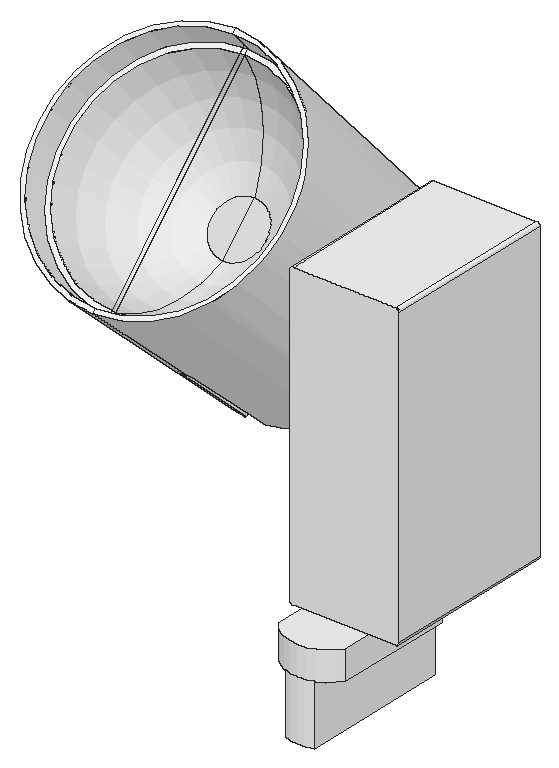
Revit family "0004820 Feilo Sylvania Lighting Fixture START TRACK SPOT L 55W 3K RA80 NB WHITE", category Lighting Fixtures, host Face, Revit 2017 (continued)
Definition of nested family "Start Track Spot Head"
  Types (96, lengths in mm): name | Wattage | built-in parameter 1150134 | Photometric Web File | Model | built-in parameter 1150105 | Lumens | built-in parameter 1150107 | built-in parameter 1150106 | HeadThickness_FEILO | HeadRibOffset_FEILO | HeadRibDepth_FEILO | HeadRibCutWidth_FEILO | HeadRibCutOffset_FEILO | HeadReflectorRadius_FEILO | HeadReflectorOffset_FEILO | HeadLEDRadius_FEILO | HeadHeight_FEILO | HeadDiffusorOffset_FEILO | HeadDiaOut_FEILO | HeadDiaIn_FEILO | HeadAxisFromTop_FEILO | Emit from Circle Diameter | built-in parameter 1150104 | Description | Apparent Load
    0004864 START TRACK SPOT S 24W 3K RA90 WB WHITE | 24 W | (empty or 0) | "0004864.ies" | "START TRACK SPOT S 24W 3K RA90 WB WHITE" | 152.79 (stored number, unit not read) | 1920 lm | 3000 (stored number, unit not read) | 1.5279 (stored number, unit not read) | 1.5 | 4.179 | 55.714 | 7.167 | 50.87 | 50.588 | 55.714 | 9.556 | 117 | 9.435 | 86 | 77.477 | 69.354 | 77.477 | 7.4322 (stored number, unit not read) | "Integrated LED spotlight, Textured White - RAL9016, compact and minimalist design, ideal for retail applications, die-cast aluminium body, passive cooling heatsink. Beam angle: 64°, color temperature: 3000K , total system power: 24W, total fixture output: 1928 lm, LOR: 100%, colour rendering: Ra: 90 typical, LED Chromaticity: 3 step MacAdam ellipse, lifetime: >50000 hours at L70B50, energy class: A++, A+, A, IR/UV free light source without heat radiation, operating voltage: 220-240V / 50-60Hz, drive current: 600mA, electronic driver, non-dimmable, power factor: 0.95, electrical protection: Class II, Global Track 3 Phase adapter suitable for Global trac 3-circuit tracks, ingress protection rating: IP20, suitable for internal environment only, horizontal rotation: 355°, vertical tilt: 90°, dimensions: Ø86x140x200, weight: 0.966kg." | 24 VA
    0004863 START TRACK SPOT S 24W 3K RA90 MB WHITE | 24 W | (empty or 0) | "0004863.ies" | "START TRACK SPOT S 24W 3K RA90 MB WHITE" | 154.7 (stored number, unit not read) | 1944 lm | 3000 (stored number, unit not read) | 1.547 (stored number, unit not read) | 1.5 | 4.179 | 55.714 | 7.167 | 50.87 | 50.588 | 55.714 | 9.556 | 117 | 9.435 | 86 | 77.477 | 69.354 | 77.477 | 7.5251 (stored number, unit not read) | "Integrated LED spotlight, Textured White - RAL9016, compact and minimalist design, ideal for retail applications, die-cast aluminium body, passive cooling heatsink. Beam angle: 36°, color temperature: 3000K , total system power: 24W, total fixture output: 1944 lm, LOR: 100%, colour rendering: Ra: 90 typical, LED Chromaticity: 3 step MacAdam ellipse, lifetime: >50000 hours at L70B50, energy class: A++, A+, A, IR/UV free light source without heat radiation, operating voltage: 220-240V / 50-60Hz, drive current: 600mA, electronic driver, non-dimmable, power factor: 0.95, electrical protection: Class II, Global Track 3 Phase adapter suitable for Global trac 3-circuit tracks, ingress protection rating: IP20, suitable for internal environment only, horizontal rotation: 355°, vertical tilt: 90°, dimensions: Ø86x140x200, weight: 0.966kg." | 24 VA
    0004862 START TRACK SPOT S 24W 3K RA90 NB WHITE | 24 W | (empty or 0) | "0004862.ies" | "START TRACK SPOT S 24W 3K RA90 NB WHITE" | 158.52 (stored number, unit not read) | 1992 lm | 3000 (stored number, unit not read) | 1.5852 (stored number, unit not read) | 1.5 | 4.179 | 55.714 | 7.167 | 50.87 | 50.588 | 55.714 | 9.556 | 117 | 9.435 | 86 | 77.477 | 69.354 | 77.477 | 7.711 (stored number, unit not read) | "Integrated LED spotlight, Textured White - RAL9016, compact and minimalist design, ideal for retail applications, die-cast aluminium body, passive cooling heatsink. Beam angle: 12°, color temperature: 3000K , total system power: 24W, total fixture output: 1987 lm, LOR: 100%, colour rendering: Ra: 90 typical, LED Chromaticity: 3 step MacAdam ellipse, lifetime: >50000 hours at L70B50, energy class: A++, A+, A, IR/UV free light source without heat radiation, operating voltage: 220-240V / 50-60Hz, drive current: 600mA, electronic driver, non-dimmable, power factor: 0.95, electrical protection: Class II, Global Track 3 Phase adapter suitable for Global trac 3-circuit tracks, ingress protection rating: IP20, suitable for internal environment only, horizontal rotation: 355°, vertical tilt: 90°, dimensions: Ø86x140x200, weight: 0.966kg." | 24 VA
    0004861 START TRACK SPOT S 14W 3K RA90 WB WHITE | 14 W | (empty or 0) | "0004861.ies" | "START TRACK SPOT S 14W 3K RA90 WB WHITE" | 100.27 (stored number, unit not read) | 1260 lm | 3000 (stored number, unit not read) | 1.0027 (stored number, unit not read) | 1.5 | 4.179 | 55.714 | 7.167 | 50.87 | 50.588 | 55.714 | 9.556 | 117 | 9.435 | 86 | 77.477 | 69.354 | 77.477 | 8.3613 (stored number, unit not read) | "Integrated LED spotlight, Textured White - RAL9016, compact and minimalist design, ideal for retail applications, die-cast aluminium body, passive cooling heatsink. Beam angle: 64°, color temperature: 3000K , total system power: 14W, total fixture output: 1262 lm, LOR: 100%, colour rendering: Ra: 90 typical, LED Chromaticity: 3 step MacAdam ellipse, lifetime: >50000 hours at L70B50, energy class: A++, A+, A, IR/UV free light source without heat radiation, operating voltage: 220-240V / 50-60Hz, drive current: 350mA, electronic driver, non-dimmable, power factor: 0.92, electrical protection: Class II, Global Track 3 Phase adapter suitable for Global trac 3-circuit tracks, ingress protection rating: IP20, suitable for internal environment only, horizontal rotation: 355°, vertical tilt: 90°, dimensions: Ø86x140x200, weight: 0.940kg." | 14 VA
    0004860 START TRACK SPOT S 14W 3K RA90 MB WHITE | 14 W | (empty or 0) | "0004860.ies" | "START TRACK SPOT S 14W 3K RA90 MB WHITE" | 100.27 (stored number, unit not read) | 1260 lm | 3000 (stored number, unit not read) | 1.0027 (stored number, unit not read) | 1.5 | 4.179 | 55.714 | 7.167 | 50.87 | 50.588 | 55.714 | 9.556 | 117 | 9.435 | 86 | 77.477 | 69.354 | 77.477 | 8.3613 (stored number, unit not read) | "Integrated LED spotlight, Textured White - RAL9016, compact and minimalist design, ideal for retail applications, die-cast aluminium body, passive cooling heatsink. Beam angle: 36°, color temperature: 3000K , total system power: 14W, total fixture output: 1262 lm, LOR: 100%, colour rendering: Ra: 90 typical, LED Chromaticity: 3 step MacAdam ellipse, lifetime: >50000 hours at L70B50, energy class: A++, A+, A, IR/UV free light source without heat radiation, operating voltage: 220-240V / 50-60Hz, drive current: 350mA, electronic driver, non-dimmable, power factor: 0.92, electrical protection: Class II, Global Track 3 Phase adapter suitable for Global trac 3-circuit tracks, ingress protection rating: IP20, suitable for internal environment only, horizontal rotation: 355°, vertical tilt: 90°, dimensions: Ø86x140x200, weight: 0.940kg." | 14 VA
    0004859 START TRACK SPOT S 14W 3K RA90 NB WHITE | 14 W | (empty or 0) | "0004859.ies" | "START TRACK SPOT S 14W 3K RA90 NB WHITE" | 102.5 (stored number, unit not read) | 1288 lm | 3000 (stored number, unit not read) | 1.025 (stored number, unit not read) | 1.5 | 4.179 | 55.714 | 7.167 | 50.87 | 50.588 | 55.714 | 9.556 | 117 | 9.435 | 86 | 77.477 | 69.354 | 77.477 | 8.5471 (stored number, unit not read) | "Integrated LED spotlight, Textured White - RAL9016, compact and minimalist design, ideal for retail applications, die-cast aluminium body, passive cooling heatsink. Beam angle: 12°, color temperature: 3000K , total system power: 14W, total fixture output: 1284 lm, LOR: 100%, colour rendering: Ra: 90 typical, LED Chromaticity: 3 step MacAdam ellipse, lifetime: >50000 hours at L70B50, energy class: A++, A+, A, IR/UV free light source without heat radiation, operating voltage: 220-240V / 50-60Hz, drive current: 350mA, electronic driver, non-dimmable, power factor: 0.92, electrical protection: Class II, Global Track 3 Phase adapter suitable for Global trac 3-circuit tracks, ingress protection rating: IP20, suitable for internal environment only, horizontal rotation: 355°, vertical tilt: 90°, dimensions: Ø86x140x200, weight: 0.940kg." | 14 VA
    0004858 START TRACK SPOT L 55W 4K RA80 WB BLACK | 55 W | 12 | "0004858.ies" | "START TRACK SPOT L 55W 4K RA80 WB BLACK" | 424.55 (stored number, unit not read) | 5335 lm | 4000 (stored number, unit not read) | 4.2455 (stored number, unit not read) | 2 | 4.429 | 59.048 | 9.417 | 53.913 | 66.471 | 59.048 | 12.556 | 124 | 10 | 113 | 101.802 | 73.503 | 101.802 | 9.0116 (stored number, unit not read) | "Integrated LED spotlight, Textured Black - RAL9005, compact and minimalist design, ideal for retail applications, die-cast aluminium body, passive cooling heatsink. Beam angle: 52°, color temperature: 4000K , total system power: 55W, total fixture output: 5320 lm, LOR: 100%, colour rendering: Ra: 80 typical, LED Chromaticity: 3 step MacAdam ellipse, lifetime: >50000 hours at L70B50, energy class: A++, A+, A, IR/UV free light source without heat radiation, operating voltage: 220-240V / 50-60Hz, drive current: 1400mA, electronic driver, non-dimmable, power factor: 0.96, electrical protection: Class II, Global Track 3 Phase adapter suitable for Global trac 3-circuit tracks, ingress protection rating: IP20, suitable for internal environment only, horizontal rotation: 355°, vertical tilt: 90°, dimensions: Ø113x164x240, weight: 1.398kg." | 55 VA
    0004857 START TRACK SPOT L 55W 4K RA80 MB BLACK | 55 W | 12 | "0004857.ies" | "START TRACK SPOT L 55W 4K RA80 MB BLACK" | 428.92 (stored number, unit not read) | 5390 lm | 4000 (stored number, unit not read) | 4.2892 (stored number, unit not read) | 2 | 4.429 | 59.048 | 9.417 | 53.913 | 66.471 | 59.048 | 12.556 | 124 | 10 | 113 | 101.802 | 73.503 | 101.802 | 9.1045 (stored number, unit not read) | "Integrated LED spotlight, Textured Black - RAL9005, compact and minimalist design, ideal for retail applications, die-cast aluminium body, passive cooling heatsink. Beam angle: 38°, color temperature: 4000K , total system power: 55W, total fixture output: 5378 lm, LOR: 100%, colour rendering: Ra: 80 typical, LED Chromaticity: 3 step MacAdam ellipse, lifetime: >50000 hours at L70B50, energy class: A++, A+, A, IR/UV free light source without heat radiation, operating voltage: 220-240V / 50-60Hz, drive current: 1400mA, electronic driver, non-dimmable, power factor: 0.96, electrical protection: Class II, Global Track 3 Phase adapter suitable for Global trac 3-circuit tracks, ingress protection rating: IP20, suitable for internal environment only, horizontal rotation: 355°, vertical tilt: 90°, dimensions: Ø113x164x240, weight: 1.398kg." | 55 VA
    0004856 START TRACK SPOT L 55W 4K RA80 NB BLACK | 55 W | 12 | "0004856.ies" | "START TRACK SPOT L 55W 4K RA80 NB BLACK" | 433.3 (stored number, unit not read) | 5445 lm | 4000 (stored number, unit not read) | 4.333 (stored number, unit not read) | 2 | 4.429 | 59.048 | 9.417 | 53.913 | 66.471 | 59.048 | 12.556 | 124 | 10 | 113 | 101.802 | 73.503 | 101.802 | 9.1974 (stored number, unit not read) | "Integrated LED spotlight, Textured Black - RAL9005, compact and minimalist design, ideal for retail applications, die-cast aluminium body, passive cooling heatsink. Beam angle: 15°, color temperature: 4000K , total system power: 55W, total fixture output: 5426 lm, LOR: 100%, colour rendering: Ra: 80 typical, LED Chromaticity: 3 step MacAdam ellipse, lifetime: >50000 hours at L70B50, energy class: A++, A+, A, IR/UV free light source without heat radiation, operating voltage: 220-240V / 50-60Hz, drive current: 1400mA, electronic driver, non-dimmable, power factor: 0.96, electrical protection: Class II, Global Track 3 Phase adapter suitable for Global trac 3-circuit tracks, ingress protection rating: IP20, suitable for internal environment only, horizontal rotation: 355°, vertical tilt: 90°, dimensions: Ø113x164x240, weight: 1.398kg." | 55 VA
    0004855 START TRACK SPOT L 35W 4K RA80 WB BLACK | 35 W | 12 | "0004855.ies" | "START TRACK SPOT L 35W 4K RA80 WB BLACK" | 320.3 (stored number, unit not read) | 4025 lm | 4000 (stored number, unit not read) | 3.203 (stored number, unit not read) | 2 | 4.429 | 59.048 | 9.417 | 53.913 | 66.471 | 59.048 | 12.556 | 124 | 10 | 113 | 101.802 | 73.503 | 101.802 | 10.684 (stored number, unit not read) | "Integrated LED spotlight, Textured Black - RAL9005, compact and minimalist design, ideal for retail applications, die-cast aluminium body, passive cooling heatsink. Beam angle: 52°, color temperature: 4000K , total system power: 35W, total fixture output: 4010 lm, LOR: 100%, colour rendering: Ra: 80 typical, LED Chromaticity: 3 step MacAdam ellipse, lifetime: >50000 hours at L70B50, energy class: A++, A+, A, IR/UV free light source without heat radiation, operating voltage: 220-240V / 50-60Hz, drive current: 900mA, electronic driver, non-dimmable, power factor: 0.93, electrical protection: Class II, Global Track 3 Phase adapter suitable for Global trac 3-circuit tracks, ingress protection rating: IP20, suitable for internal environment only, horizontal rotation: 355°, vertical tilt: 90°, dimensions: Ø113x164x240, weight: 1.368kg." | 35 VA
    0004854 START TRACK SPOT L 35W 4K RA80 MB BLACK | 35 W | 12 | "0004854.ies" | "START TRACK SPOT L 35W 4K RA80 MB BLACK" | 320.3 (stored number, unit not read) | 4025 lm | 4000 (stored number, unit not read) | 3.203 (stored number, unit not read) | 2 | 4.429 | 59.048 | 9.417 | 53.913 | 66.471 | 59.048 | 12.556 | 124 | 10 | 113 | 101.802 | 73.503 | 101.802 | 10.684 (stored number, unit not read) | "Integrated LED spotlight, Textured Black - RAL9005, compact and minimalist design, ideal for retail applications, die-cast aluminium body, passive cooling heatsink. Beam angle: 38°, color temperature: 4000K , total system power: 35W, total fixture output: 4017 lm, LOR: 100%, colour rendering: Ra: 80 typical, LED Chromaticity: 3 step MacAdam ellipse, lifetime: >50000 hours at L70B50, energy class: A++, A+, A, IR/UV free light source without heat radiation, operating voltage: 220-240V / 50-60Hz, drive current: 900mA, electronic driver, non-dimmable, power factor: 0.93, electrical protection: Class II, Global Track 3 Phase adapter suitable for Global trac 3-circuit tracks, ingress protection rating: IP20, suitable for internal environment only, horizontal rotation: 355°, vertical tilt: 90°, dimensions: Ø113x164x240, weight: 1.368kg." | 35 VA
    0004853 START TRACK SPOT L 35W 4K RA80 NB BLACK | 35 W | 12 | "0004853.ies" | "START TRACK SPOT L 35W 4K RA80 NB BLACK" | 331.44 (stored number, unit not read) | 4165 lm | 4000 (stored number, unit not read) | 3.3144 (stored number, unit not read) | 2 | 4.429 | 59.048 | 9.417 | 53.913 | 66.471 | 59.048 | 12.556 | 124 | 10 | 113 | 101.802 | 73.503 | 101.802 | 11.055 (stored number, unit not read) | "Integrated LED spotlight, Textured Black - RAL9005, compact and minimalist design, ideal for retail applications, die-cast aluminium body, passive cooling heatsink. Beam angle: 15°, color temperature: 4000K , total system power: 35W, total fixture output: 4174 lm, LOR: 100%, colour rendering: Ra: 80 typical, LED Chromaticity: 3 step MacAdam ellipse, lifetime: >50000 hours at L70B50, energy class: A++, A+, A, IR/UV free light source without heat radiation, operating voltage: 220-240V / 50-60Hz, drive current: 900mA, electronic driver, non-dimmable, power factor: 0.93, electrical protection: Class II, Global Track 3 Phase adapter suitable for Global trac 3-circuit tracks, ingress protection rating: IP20, suitable for internal environment only, horizontal rotation: 355°, vertical tilt: 90°, dimensions: Ø113x164x240, weight: 1.368kg." | 35 VA
    0004852 START TRACK SPOT S 24W 4K RA80 WB BLACK | 24 W | 12 | "0004852.ies" | "START TRACK SPOT S 24W 4K RA80 WB BLACK" | 196.72 (stored number, unit not read) | 2472 lm | 4000 (stored number, unit not read) | 1.9672 (stored number, unit not read) | 1.5 | 4.179 | 55.714 | 7.167 | 50.87 | 50.588 | 55.714 | 9.556 | 117 | 9.435 | 86 | 77.477 | 69.354 | 77.477 | 9.569 (stored number, unit not read) | "Integrated LED spotlight, Textured Black - RAL9005, compact and minimalist design, ideal for retail applications, die-cast aluminium body, passive cooling heatsink. Beam angle: 64°, color temperature: 4000K , total system power: 24W, total fixture output: 2476 lm, LOR: 100%, colour rendering: Ra: 80 typical, LED Chromaticity: 3 step MacAdam ellipse, lifetime: >50000 hours at L70B50, energy class: A++, A+, A, IR/UV free light source without heat radiation, operating voltage: 220-240V / 50-60Hz, drive current: 600mA, electronic driver, non-dimmable, power factor: 0.95, electrical protection: Class II, Global Track 3 Phase adapter suitable for Global trac 3-circuit tracks, ingress protection rating: IP20, suitable for internal environment only, horizontal rotation: 355°, vertical tilt: 90°, dimensions: Ø86x140x200, weight: 0.966kg." | 24 VA
    0004851 START TRACK SPOT S 24W 4K RA80 MB BLACK | 24 W | 12 | "0004851.ies" | "START TRACK SPOT S 24W 4K RA80 MB BLACK" | 198.63 (stored number, unit not read) | 2496 lm | 4000 (stored number, unit not read) | 1.9863 (stored number, unit not read) | 1.5 | 4.179 | 55.714 | 7.167 | 50.87 | 50.588 | 55.714 | 9.556 | 117 | 9.435 | 86 | 77.477 | 69.354 | 77.477 | 9.6619 (stored number, unit not read) | "Integrated LED spotlight, Textured Black - RAL9005, compact and minimalist design, ideal for retail applications, die-cast aluminium body, passive cooling heatsink. Beam angle: 36°, color temperature: 4000K , total system power: 24W, total fixture output: 2487 lm, LOR: 100%, colour rendering: Ra: 80 typical, LED Chromaticity: 3 step MacAdam ellipse, lifetime: >50000 hours at L70B50, energy class: A++, A+, A, IR/UV free light source without heat radiation, operating voltage: 220-240V / 50-60Hz, drive current: 600mA, electronic driver, non-dimmable, power factor: 0.95, electrical protection: Class II, Global Track 3 Phase adapter suitable for Global trac 3-circuit tracks, ingress protection rating: IP20, suitable for internal environment only, horizontal rotation: 355°, vertical tilt: 90°, dimensions: Ø86x140x200, weight: 0.966kg." | 24 VA
    0004850 START TRACK SPOT S 24W 4K RA80 NB BLACK | 24 W | 12 | "0004850.ies" | "START TRACK SPOT S 24W 4K RA80 NB BLACK" | 200.54 (stored number, unit not read) | 2520 lm | 4000 (stored number, unit not read) | 2.0054 (stored number, unit not read) | 1.5 | 4.179 | 55.714 | 7.167 | 50.87 | 50.588 | 55.714 | 9.556 | 117 | 9.435 | 86 | 77.477 | 69.354 | 77.477 | 9.7548 (stored number, unit not read) | "Integrated LED spotlight, Textured Black - RAL9005, compact and minimalist design, ideal for retail applications, die-cast aluminium body, passive cooling heatsink. Beam angle: 12°, color temperature: 4000K , total system power: 24W, total fixture output: 2529 lm, LOR: 100%, colour rendering: Ra: 80 typical, LED Chromaticity: 3 step MacAdam ellipse, lifetime: >50000 hours at L70B50, energy class: A++, A+, A, IR/UV free light source without heat radiation, operating voltage: 220-240V / 50-60Hz, drive current: 600mA, electronic driver, non-dimmable, power factor: 0.95, electrical protection: Class II, Global Track 3 Phase adapter suitable for Global trac 3-circuit tracks, ingress protection rating: IP20, suitable for internal environment only, horizontal rotation: 355°, vertical tilt: 90°, dimensions: Ø86x140x200, weight: 0.966kg." | 24 VA
    0004849 START TRACK SPOT S 14W 4K RA80 WB BLACK | 14 W | 12 | "0004849.ies" | "START TRACK SPOT S 14W 4K RA80 WB BLACK" | 123.66 (stored number, unit not read) | 1554 lm | 4000 (stored number, unit not read) | 1.2366 (stored number, unit not read) | 1.5 | 4.179 | 55.714 | 7.167 | 50.87 | 50.588 | 55.714 | 9.556 | 117 | 9.435 | 86 | 77.477 | 69.354 | 77.477 | 10.312 (stored number, unit not read) | "Integrated LED spotlight, Textured Black - RAL9005, compact and minimalist design, ideal for retail applications, die-cast aluminium body, passive cooling heatsink. Beam angle: 64°, color temperature: 4000K , total system power: 14W, total fixture output: 1558 lm, LOR: 100%, colour rendering: Ra: 80 typical, LED Chromaticity: 3 step MacAdam ellipse, lifetime: >50000 hours at L70B50, energy class: A++, A+, A, IR/UV free light source without heat radiation, operating voltage: 220-240V / 50-60Hz, drive current: 350mA, electronic driver, non-dimmable, power factor: 0.92, electrical protection: Class II, Global Track 3 Phase adapter suitable for Global trac 3-circuit tracks, ingress protection rating: IP20, suitable for internal environment only, horizontal rotation: 355°, vertical tilt: 90°, dimensions: Ø86x140x200, weight: 0.940kg." | 14 VA
    0004848 START TRACK SPOT S 14W 4K RA80 MB BLACK | 14 W | 12 | "0004848.ies" | "START TRACK SPOT S 14W 4K RA80 MB BLACK" | 127.01 (stored number, unit not read) | 1596 lm | 4000 (stored number, unit not read) | 1.2701 (stored number, unit not read) | 1.5 | 4.179 | 55.714 | 7.167 | 50.87 | 50.588 | 55.714 | 9.556 | 117 | 9.435 | 86 | 77.477 | 69.354 | 77.477 | 10.591 (stored number, unit not read) | "Integrated LED spotlight, Textured Black - RAL9005, compact and minimalist design, ideal for retail applications, die-cast aluminium body, passive cooling heatsink. Beam angle: 36°, color temperature: 4000K , total system power: 14W, total fixture output: 1598 lm, LOR: 100%, colour rendering: Ra: 80 typical, LED Chromaticity: 3 step MacAdam ellipse, lifetime: >50000 hours at L70B50, energy class: A++, A+, A, IR/UV free light source without heat radiation, operating voltage: 220-240V / 50-60Hz, drive current: 350mA, electronic driver, non-dimmable, power factor: 0.92, electrical protection: Class II, Global Track 3 Phase adapter suitable for Global trac 3-circuit tracks, ingress protection rating: IP20, suitable for internal environment only, horizontal rotation: 355°, vertical tilt: 90°, dimensions: Ø86x140x200, weight: 0.940kg." | 14 VA
    0004847 START TRACK SPOT S 14W 4K RA80 NB BLACK | 14 W | 12 | "0004847.ies" | "START TRACK SPOT S 14W 4K RA80 NB BLACK" | 128.12 (stored number, unit not read) | 1610 lm | 4000 (stored number, unit not read) | 1.2812 (stored number, unit not read) | 1.5 | 4.179 | 55.714 | 7.167 | 50.87 | 50.588 | 55.714 | 9.556 | 117 | 9.435 | 86 | 77.477 | 69.354 | 77.477 | 10.684 (stored number, unit not read) | "Integrated LED spotlight, Textured Black - RAL9005, compact and minimalist design, ideal for retail applications, die-cast aluminium body, passive cooling heatsink. Beam angle: 12°, color temperature: 4000K , total system power: 14W, total fixture output: 1608 lm, LOR: 100%, colour rendering: Ra: 80 typical, LED Chromaticity: 3 step MacAdam ellipse, lifetime: >50000 hours at L70B50, energy class: A++, A+, A, IR/UV free light source without heat radiation, operating voltage: 220-240V / 50-60Hz, drive current: 350mA, electronic driver, non-dimmable, power factor: 0.92, electrical protection: Class II, Global Track 3 Phase adapter suitable for Global trac 3-circuit tracks, ingress protection rating: IP20, suitable for internal environment only, horizontal rotation: 355°, vertical tilt: 90°, dimensions: Ø86x140x200, weight: 0.940kg." | 14 VA
    0004846 START TRACK SPOT L 55W 3K RA80 WB BLACK | 55 W | (empty or 0) | "0004846.ies" | "START TRACK SPOT L 55W 3K RA80 WB BLACK" | 420.17 (stored number, unit not read) | 5280 lm | 3000 (stored number, unit not read) | 4.2017 (stored number, unit not read) | 2 | 4.429 | 59.048 | 9.417 | 53.913 | 66.471 | 59.048 | 12.556 | 124 | 10 | 113 | 101.802 | 73.503 | 101.802 | 8.9187 (stored number, unit not read) | "Integrated LED spotlight, Textured Black - RAL9005, compact and minimalist design, ideal for retail applications, die-cast aluminium body, passive cooling heatsink. Beam angle: 52°, color temperature: 3000K , total system power: 55W, total fixture output: 5298 lm, LOR: 100%, colour rendering: Ra: 80 typical, LED Chromaticity: 3 step MacAdam ellipse, lifetime: >50000 hours at L70B50, energy class: A++, A+, A, IR/UV free light source without heat radiation, operating voltage: 220-240V / 50-60Hz, drive current: 1400mA, electronic driver, non-dimmable, power factor: 0.96, electrical protection: Class II, Global Track 3 Phase adapter suitable for Global trac 3-circuit tracks, ingress protection rating: IP20, suitable for internal environment only, horizontal rotation: 355°, vertical tilt: 90°, dimensions: Ø113x164x240, weight: 1.398kg." | 55 VA
    0004845 START TRACK SPOT L 55W 3K RA80 MB BLACK | 55 W | (empty or 0) | "0004845.ies" | "START TRACK SPOT L 55W 3K RA80 MB BLACK" | 428.92 (stored number, unit not read) | 5390 lm | 3000 (stored number, unit not read) | 4.2892 (stored number, unit not read) | 2 | 4.429 | 59.048 | 9.417 | 53.913 | 66.471 | 59.048 | 12.556 | 124 | 10 | 113 | 101.802 | 73.503 | 101.802 | 9.1045 (stored number, unit not read) | "Integrated LED spotlight, Textured Black - RAL9005, compact and minimalist design, ideal for retail applications, die-cast aluminium body, passive cooling heatsink. Beam angle: 38°, color temperature: 3000K , total system power: 55W, total fixture output: 5381 lm, LOR: 100%, colour rendering: Ra: 80 typical, LED Chromaticity: 3 step MacAdam ellipse, lifetime: >50000 hours at L70B50, energy class: A++, A+, A, IR/UV free light source without heat radiation, operating voltage: 220-240V / 50-60Hz, drive current: 1400mA, electronic driver, non-dimmable, power factor: 0.96, electrical protection: Class II, Global Track 3 Phase adapter suitable for Global trac 3-circuit tracks, ingress protection rating: IP20, suitable for internal environment only, horizontal rotation: 355°, vertical tilt: 90°, dimensions: Ø113x164x240, weight: 1.398kg." | 55 VA
    0004844 START TRACK SPOT L 55W 3K RA80 NB BLACK | 55 W | (empty or 0) | "0004844.ies" | "START TRACK SPOT L 55W 3K RA80 NB BLACK" | 433.3 (stored number, unit not read) | 5445 lm | 3000 (stored number, unit not read) | 4.333 (stored number, unit not read) | 2 | 4.429 | 59.048 | 9.417 | 53.913 | 66.471 | 59.048 | 12.556 | 124 | 10 | 113 | 101.802 | 73.503 | 101.802 | 9.1974 (stored number, unit not read) | "Integrated LED spotlight, Textured Black - RAL9005, compact and minimalist design, ideal for retail applications, die-cast aluminium body, passive cooling heatsink. Beam angle: 15°, color temperature: 3000K , total system power: 55W, total fixture output: 5449 lm, LOR: 100%, colour rendering: Ra: 80 typical, LED Chromaticity: 3 step MacAdam ellipse, lifetime: >50000 hours at L70B50, energy class: A++, A+, A, IR/UV free light source without heat radiation, operating voltage: 220-240V / 50-60Hz, drive current: 1400mA, electronic driver, non-dimmable, power factor: 0.96, electrical protection: Class II, Global Track 3 Phase adapter suitable for Global trac 3-circuit tracks, ingress protection rating: IP20, suitable for internal environment only, horizontal rotation: 355°, vertical tilt: 90°, dimensions: Ø113x164x240, weight: 1.398kg." | 55 VA
    0004843 START TRACK SPOT L 35W 3K RA80 WB BLACK | 35 W | (empty or 0) | "0004843.ies" | "START TRACK SPOT L 35W 3K RA80 WB BLACK" | 314.73 (stored number, unit not read) | 3955 lm | 3000 (stored number, unit not read) | 3.1473 (stored number, unit not read) | 2 | 4.429 | 59.048 | 9.417 | 53.913 | 66.471 | 59.048 | 12.556 | 124 | 10 | 113 | 101.802 | 73.503 | 101.802 | 10.498 (stored number, unit not read) | "Integrated LED spotlight, Textured Black - RAL9005, compact and minimalist design, ideal for retail applications, die-cast aluminium body, passive cooling heatsink. Beam angle: 52°, color temperature: 3000K , total system power: 35W, total fixture output: 3943 lm, LOR: 100%, colour rendering: Ra: 80 typical, LED Chromaticity: 3 step MacAdam ellipse, lifetime: >50000 hours at L70B50, energy class: A++, A+, A, IR/UV free light source without heat radiation, operating voltage: 220-240V / 50-60Hz, drive current: 900mA, electronic driver, non-dimmable, power factor: 0.93, electrical protection: Class II, Global Track 3 Phase adapter suitable for Global trac 3-circuit tracks, ingress protection rating: IP20, suitable for internal environment only, horizontal rotation: 355°, vertical tilt: 90°, dimensions: Ø113x164x240, weight: 1.368kg." | 35 VA
    0004842 START TRACK SPOT L 35W 3K RA80 MB BLACK | 35 W | (empty or 0) | "0004842.ies" | "START TRACK SPOT L 35W 3K RA80 MB BLACK" | 320.3 (stored number, unit not read) | 4025 lm | 3000 (stored number, unit not read) | 3.203 (stored number, unit not read) | 2 | 4.429 | 59.048 | 9.417 | 53.913 | 66.471 | 59.048 | 12.556 | 124 | 10 | 113 | 101.802 | 73.503 | 101.802 | 10.684 (stored number, unit not read) | "Integrated LED spotlight, Textured Black - RAL9005, compact and minimalist design, ideal for retail applications, die-cast aluminium body, passive cooling heatsink. Beam angle: 38°, color temperature: 3000K , total system power: 35W, total fixture output: 4008 lm, LOR: 100%, colour rendering: Ra: 80 typical, LED Chromaticity: 3 step MacAdam ellipse, lifetime: >50000 hours at L70B50, energy class: A++, A+, A, IR/UV free light source without heat radiation, operating voltage: 220-240V / 50-60Hz, drive current: 900mA, electronic driver, non-dimmable, power factor: 0.93, electrical protection: Class II, Global Track 3 Phase adapter suitable for Global trac 3-circuit tracks, ingress protection rating: IP20, suitable for internal environment only, horizontal rotation: 355°, vertical tilt: 90°, dimensions: Ø113x164x240, weight: 1.368kg." | 35 VA
    0004841 START TRACK SPOT L 35W 3K RA80 NB BLACK | 35 W | (empty or 0) | "0004841.ies" | "START TRACK SPOT L 35W 3K RA80 NB BLACK" | 317.51 (stored number, unit not read) | 3990 lm | 3000 (stored number, unit not read) | 3.1751 (stored number, unit not read) | 2 | 4.429 | 59.048 | 9.417 | 53.913 | 66.471 | 59.048 | 12.556 | 124 | 10 | 113 | 101.802 | 73.503 | 101.802 | 10.591 (stored number, unit not read) | "Integrated LED spotlight, Textured Black - RAL9005, compact and minimalist design, ideal for retail applications, die-cast aluminium body, passive cooling heatsink. Beam angle: 15°, color temperature: 3000K , total system power: 35W, total fixture output: 4005 lm, LOR: 100%, colour rendering: Ra: 80 typical, LED Chromaticity: 3 step MacAdam ellipse, lifetime: >50000 hours at L70B50, energy class: A++, A+, A, IR/UV free light source without heat radiation, operating voltage: 220-240V / 50-60Hz, drive current: 900mA, electronic driver, non-dimmable, power factor: 0.93, electrical protection: Class II, Global Track 3 Phase adapter suitable for Global trac 3-circuit tracks, ingress protection rating: IP20, suitable for internal environment only, horizontal rotation: 355°, vertical tilt: 90°, dimensions: Ø113x164x240, weight: 1.368kg." | 35 VA
    0004840 START TRACK SPOT S 24W 3K RA80 WB BLACK | 24 W | (empty or 0) | "0004840.ies" | "START TRACK SPOT S 24W 3K RA80 WB BLACK" | 185.26 (stored number, unit not read) | 2328 lm | 3000 (stored number, unit not read) | 1.8526 (stored number, unit not read) | 1.5 | 4.179 | 55.714 | 7.167 | 50.87 | 50.588 | 55.714 | 9.556 | 117 | 9.435 | 86 | 77.477 | 69.354 | 77.477 | 9.0116 (stored number, unit not read) | "Integrated LED spotlight, Textured Black - RAL9005, compact and minimalist design, ideal for retail applications, die-cast aluminium body, passive cooling heatsink. Beam angle: 64°, color temperature: 3000K , total system power: 24W, total fixture output: 2318 lm, LOR: 100%, colour rendering: Ra: 80 typical, LED Chromaticity: 3 step MacAdam ellipse, lifetime: >50000 hours at L70B50, energy class: A++, A+, A, IR/UV free light source without heat radiation, operating voltage: 220-240V / 50-60Hz, drive current: 600mA, electronic driver, non-dimmable, power factor: 0.95, electrical protection: Class II, Global Track 3 Phase adapter suitable for Global trac 3-circuit tracks, ingress protection rating: IP20, suitable for internal environment only, horizontal rotation: 355°, vertical tilt: 90°, dimensions: Ø86x140x200, weight: 0.966kg." | 24 VA
    0004839 START TRACK SPOT S 24W 3K RA80 MB BLACK | 24 W | (empty or 0) | "0004839.ies" | "START TRACK SPOT S 24W 3K RA80 MB BLACK" | 183.35 (stored number, unit not read) | 2304 lm | 3000 (stored number, unit not read) | 1.8335 (stored number, unit not read) | 1.5 | 4.179 | 55.714 | 7.167 | 50.87 | 50.588 | 55.714 | 9.556 | 117 | 9.435 | 86 | 77.477 | 69.354 | 77.477 | 8.9187 (stored number, unit not read) | "Integrated LED spotlight, Textured Black - RAL9005, compact and minimalist design, ideal for retail applications, die-cast aluminium body, passive cooling heatsink. Beam angle: 36°, color temperature: 3000K , total system power: 24W, total fixture output: 2314 lm, LOR: 100%, colour rendering: Ra: 80 typical, LED Chromaticity: 3 step MacAdam ellipse, lifetime: >50000 hours at L70B50, energy class: A++, A+, A, IR/UV free light source without heat radiation, operating voltage: 220-240V / 50-60Hz, drive current: 600mA, electronic driver, non-dimmable, power factor: 0.95, electrical protection: Class II, Global Track 3 Phase adapter suitable for Global trac 3-circuit tracks, ingress protection rating: IP20, suitable for internal environment only, horizontal rotation: 355°, vertical tilt: 90°, dimensions: Ø86x140x200, weight: 0.966kg." | 24 VA
    0004838 START TRACK SPOT S 24W 3K RA80 NB BLACK | 24 W | (empty or 0) | "0004838.ies" | "START TRACK SPOT S 24W 3K RA80 NB BLACK" | 185.26 (stored number, unit not read) | 2328 lm | 3000 (stored number, unit not read) | 1.8526 (stored number, unit not read) | 1.5 | 4.179 | 55.714 | 7.167 | 50.87 | 50.588 | 55.714 | 9.556 | 117 | 9.435 | 86 | 77.477 | 69.354 | 77.477 | 9.0116 (stored number, unit not read) | "Integrated LED spotlight, Textured Black - RAL9005, compact and minimalist design, ideal for retail applications, die-cast aluminium body, passive cooling heatsink. Beam angle: 12°, color temperature: 3000K , total system power: 24W, total fixture output: 2334 lm, LOR: 100%, colour rendering: Ra: 80 typical, LED Chromaticity: 3 step MacAdam ellipse, lifetime: >50000 hours at L70B50, energy class: A++, A+, A, IR/UV free light source without heat radiation, operating voltage: 220-240V / 50-60Hz, drive current: 600mA, electronic driver, non-dimmable, power factor: 0.95, electrical protection: Class II, Global Track 3 Phase adapter suitable for Global trac 3-circuit tracks, ingress protection rating: IP20, suitable for internal environment only, horizontal rotation: 355°, vertical tilt: 90°, dimensions: Ø86x140x200, weight: 0.966kg." | 24 VA
    0004837 START TRACK SPOT S 14W 3K RA80 WB BLACK | 14 W | (empty or 0) | "0004837.ies" | "START TRACK SPOT S 14W 3K RA80 WB BLACK" | 119.21 (stored number, unit not read) | 1498 lm | 3000 (stored number, unit not read) | 1.1921 (stored number, unit not read) | 1.5 | 4.179 | 55.714 | 7.167 | 50.87 | 50.588 | 55.714 | 9.556 | 117 | 9.435 | 86 | 77.477 | 69.354 | 77.477 | 9.9406 (stored number, unit not read) | "Integrated LED spotlight, Textured Black - RAL9005, compact and minimalist design, ideal for retail applications, die-cast aluminium body, passive cooling heatsink. Beam angle: 64°, color temperature: 3000K , total system power: 14W, total fixture output: 1498 lm, LOR: 100%, colour rendering: Ra: 80 typical, LED Chromaticity: 3 step MacAdam ellipse, lifetime: >50000 hours at L70B50, energy class: A++, A+, A, IR/UV free light source without heat radiation, operating voltage: 220-240V / 50-60Hz, drive current: 350mA, electronic driver, non-dimmable, power factor: 0.92, electrical protection: Class II, Global Track 3 Phase adapter suitable for Global trac 3-circuit tracks, ingress protection rating: IP20, suitable for internal environment only, horizontal rotation: 355°, vertical tilt: 90°, dimensions: Ø86x140x200, weight: 0.940kg." | 14 VA
    0004836 START TRACK SPOT S 14W 3K RA80 MB BLACK | 14 W | (empty or 0) | "0004836.ies" | "START TRACK SPOT S 14W 3K RA80 MB BLACK" | 120.32 (stored number, unit not read) | 1512 lm | 3000 (stored number, unit not read) | 1.2032 (stored number, unit not read) | 1.5 | 4.179 | 55.714 | 7.167 | 50.87 | 50.588 | 55.714 | 9.556 | 117 | 9.435 | 86 | 77.477 | 69.354 | 77.477 | 10.034 (stored number, unit not read) | "Integrated LED spotlight, Textured Black - RAL9005, compact and minimalist design, ideal for retail applications, die-cast aluminium body, passive cooling heatsink. Beam angle: 36°, color temperature: 3000K , total system power: 14W, total fixture output: 1508 lm, LOR: 100%, colour rendering: Ra: 80 typical, LED Chromaticity: 3 step MacAdam ellipse, lifetime: >50000 hours at L70B50, energy class: A++, A+, A, IR/UV free light source without heat radiation, operating voltage: 220-240V / 50-60Hz, drive current: 350mA, electronic driver, non-dimmable, power factor: 0.92, electrical protection: Class II, Global Track 3 Phase adapter suitable for Global trac 3-circuit tracks, ingress protection rating: IP20, suitable for internal environment only, horizontal rotation: 355°, vertical tilt: 90°, dimensions: Ø86x140x200, weight: 0.940kg." | 14 VA
    0004835 START TRACK SPOT S 14W 3K RA80 NB BLACK | 14 W | (empty or 0) | "0004835.ies" | "START TRACK SPOT S 14W 3K RA80 NB BLACK" | 123.66 (stored number, unit not read) | 1554 lm | 3000 (stored number, unit not read) | 1.2366 (stored number, unit not read) | 1.5 | 4.179 | 55.714 | 7.167 | 50.87 | 50.588 | 55.714 | 9.556 | 117 | 9.435 | 86 | 77.477 | 69.354 | 77.477 | 10.312 (stored number, unit not read) | "Integrated LED spotlight, Textured Black - RAL9005, compact and minimalist design, ideal for retail applications, die-cast aluminium body, passive cooling heatsink. Beam angle: 12°, color temperature: 3000K , total system power: 14W, total fixture output: 1551 lm, LOR: 100%, colour rendering: Ra: 80 typical, LED Chromaticity: 3 step MacAdam ellipse, lifetime: >50000 hours at L70B50, energy class: A++, A+, A, IR/UV free light source without heat radiation, operating voltage: 220-240V / 50-60Hz, drive current: 350mA, electronic driver, non-dimmable, power factor: 0.92, electrical protection: Class II, Global Track 3 Phase adapter suitable for Global trac 3-circuit tracks, ingress protection rating: IP20, suitable for internal environment only, horizontal rotation: 355°, vertical tilt: 90°, dimensions: Ø86x140x200, weight: 0.940kg." | 14 VA
    0004834 START TRACK SPOT L 55W 4K RA80 WB WHITE | 55 W | 12 | "0004834.ies" | "START TRACK SPOT L 55W 4K RA80 WB WHITE" | 424.55 (stored number, unit not read) | 5335 lm | 4000 (stored number, unit not read) | 4.2455 (stored number, unit not read) | 2 | 4.429 | 59.048 | 9.417 | 53.913 | 66.471 | 59.048 | 12.556 | 124 | 10 | 113 | 101.802 | 73.503 | 101.802 | 9.0116 (stored number, unit not read) | "Integrated LED spotlight, Textured White - RAL9016, compact and minimalist design, ideal for retail applications, die-cast aluminium body, passive cooling heatsink. Beam angle: 52°, color temperature: 4000K , total system power: 55W, total fixture output: 5320 lm, LOR: 100%, colour rendering: Ra: 80 typical, LED Chromaticity: 3 step MacAdam ellipse, lifetime: >50000 hours at L70B50, energy class: A++, A+, A, IR/UV free light source without heat radiation, operating voltage: 220-240V / 50-60Hz, drive current: 1400mA, electronic driver, non-dimmable, power factor: 0.96, electrical protection: Class II, Global Track 3 Phase adapter suitable for Global trac 3-circuit tracks, ingress protection rating: IP20, suitable for internal environment only, horizontal rotation: 355°, vertical tilt: 90°, dimensions: Ø113x164x240, weight: 1.398kg." | 55 VA
    0004833 START TRACK SPOT L 55W 4K RA80 MB WHITE | 55 W | 12 | "0004833.ies" | "START TRACK SPOT L 55W 4K RA80 MB WHITE" | 428.92 (stored number, unit not read) | 5390 lm | 4000 (stored number, unit not read) | 4.2892 (stored number, unit not read) | 2 | 4.429 | 59.048 | 9.417 | 53.913 | 66.471 | 59.048 | 12.556 | 124 | 10 | 113 | 101.802 | 73.503 | 101.802 | 9.1045 (stored number, unit not read) | "Integrated LED spotlight, Textured White - RAL9016, compact and minimalist design, ideal for retail applications, die-cast aluminium body, passive cooling heatsink. Beam angle: 38°, color temperature: 4000K , total system power: 55W, total fixture output: 5378 lm, LOR: 100%, colour rendering: Ra: 80 typical, LED Chromaticity: 3 step MacAdam ellipse, lifetime: >50000 hours at L70B50, energy class: A++, A+, A, IR/UV free light source without heat radiation, operating voltage: 220-240V / 50-60Hz, drive current: 1400mA, electronic driver, non-dimmable, power factor: 0.96, electrical protection: Class II, Global Track 3 Phase adapter suitable for Global trac 3-circuit tracks, ingress protection rating: IP20, suitable for internal environment only, horizontal rotation: 355°, vertical tilt: 90°, dimensions: Ø113x164x240, weight: 1.398kg." | 55 VA
    0004832 START TRACK SPOT L 55W 4K RA80 NB WHITE | 55 W | 12 | "0004832.ies" | "START TRACK SPOT L 55W 4K RA80 NB WHITE" | 433.3 (stored number, unit not read) | 5445 lm | 4000 (stored number, unit not read) | 4.333 (stored number, unit not read) | 2 | 4.429 | 59.048 | 9.417 | 53.913 | 66.471 | 59.048 | 12.556 | 124 | 10 | 113 | 101.802 | 73.503 | 101.802 | 9.1974 (stored number, unit not read) | "Integrated LED spotlight, Textured White - RAL9016, compact and minimalist design, ideal for retail applications, die-cast aluminium body, passive cooling heatsink. Beam angle: 15°, color temperature: 4000K , total system power: 55W, total fixture output: 5426 lm, LOR: 100%, colour rendering: Ra: 80 typical, LED Chromaticity: 3 step MacAdam ellipse, lifetime: >50000 hours at L70B50, energy class: A++, A+, A, IR/UV free light source without heat radiation, operating voltage: 220-240V / 50-60Hz, drive current: 1400mA, electronic driver, non-dimmable, power factor: 0.96, electrical protection: Class II, Global Track 3 Phase adapter suitable for Global trac 3-circuit tracks, ingress protection rating: IP20, suitable for internal environment only, horizontal rotation: 355°, vertical tilt: 90°, dimensions: Ø113x164x240, weight: 1.398kg." | 55 VA
    0004831 START TRACK SPOT L 35W 4K RA80 WB WHITE | 35 W | 12 | "0004831.ies" | "START TRACK SPOT L 35W 4K RA80 WB WHITE" | 320.3 (stored number, unit not read) | 4025 lm | 4000 (stored number, unit not read) | 3.203 (stored number, unit not read) | 2 | 4.429 | 59.048 | 9.417 | 53.913 | 66.471 | 59.048 | 12.556 | 124 | 10 | 113 | 101.802 | 73.503 | 101.802 | 10.684 (stored number, unit not read) | "Integrated LED spotlight, Textured White - RAL9016, compact and minimalist design, ideal for retail applications, die-cast aluminium body, passive cooling heatsink. Beam angle: 52°, color temperature: 4000K , total system power: 35W, total fixture output: 4010 lm, LOR: 100%, colour rendering: Ra: 80 typical, LED Chromaticity: 3 step MacAdam ellipse, lifetime: >50000 hours at L70B50, energy class: A++, A+, A, IR/UV free light source without heat radiation, operating voltage: 220-240V / 50-60Hz, drive current: 900mA, electronic driver, non-dimmable, power factor: 0.93, electrical protection: Class II, Global Track 3 Phase adapter suitable for Global trac 3-circuit tracks, ingress protection rating: IP20, suitable for internal environment only, horizontal rotation: 355°, vertical tilt: 90°, dimensions: Ø113x164x240, weight: 1.368kg." | 35 VA
    0004830 START TRACK SPOT L 35W 4K RA80 MB WHITE | 35 W | 12 | "0004830.ies" | "START TRACK SPOT L 35W 4K RA80 MB WHITE" | 320.3 (stored number, unit not read) | 4025 lm | 4000 (stored number, unit not read) | 3.203 (stored number, unit not read) | 2 | 4.429 | 59.048 | 9.417 | 53.913 | 66.471 | 59.048 | 12.556 | 124 | 10 | 113 | 101.802 | 73.503 | 101.802 | 10.684 (stored number, unit not read) | "Integrated LED spotlight, Textured White - RAL9016, compact and minimalist design, ideal for retail applications, die-cast aluminium body, passive cooling heatsink. Beam angle: 38°, color temperature: 4000K , total system power: 35W, total fixture output: 4017 lm, LOR: 100%, colour rendering: Ra: 80 typical, LED Chromaticity: 3 step MacAdam ellipse, lifetime: >50000 hours at L70B50, energy class: A++, A+, A, IR/UV free light source without heat radiation, operating voltage: 220-240V / 50-60Hz, drive current: 900mA, electronic driver, non-dimmable, power factor: 0.93, electrical protection: Class II, Global Track 3 Phase adapter suitable for Global trac 3-circuit tracks, ingress protection rating: IP20, suitable for internal environment only, horizontal rotation: 355°, vertical tilt: 90°, dimensions: Ø113x164x240, weight: 1.368kg." | 35 VA
    0004829 START TRACK SPOT L 35W 4K RA80 NB WHITE | 35 W | 12 | "0004829.ies" | "START TRACK SPOT L 35W 4K RA80 NB WHITE" | 331.44 (stored number, unit not read) | 4165 lm | 4000 (stored number, unit not read) | 3.3144 (stored number, unit not read) | 2 | 4.429 | 59.048 | 9.417 | 53.913 | 66.471 | 59.048 | 12.556 | 124 | 10 | 113 | 101.802 | 73.503 | 101.802 | 11.055 (stored number, unit not read) | "Integrated LED spotlight, Textured White - RAL9016, compact and minimalist design, ideal for retail applications, die-cast aluminium body, passive cooling heatsink. Beam angle: 15°, color temperature: 4000K , total system power: 35W, total fixture output: 4174 lm, LOR: 100%, colour rendering: Ra: 80 typical, LED Chromaticity: 3 step MacAdam ellipse, lifetime: >50000 hours at L70B50, energy class: A++, A+, A, IR/UV free light source without heat radiation, operating voltage: 220-240V / 50-60Hz, drive current: 900mA, electronic driver, non-dimmable, power factor: 0.93, electrical protection: Class II, Global Track 3 Phase adapter suitable for Global trac 3-circuit tracks, ingress protection rating: IP20, suitable for internal environment only, horizontal rotation: 355°, vertical tilt: 90°, dimensions: Ø113x164x240, weight: 1.368kg." | 35 VA
    0004828 START TRACK SPOT S 24W 4K RA80 WB WHITE | 24 W | 12 | "0004828.ies" | "START TRACK SPOT S 24W 4K RA80 WB WHITE" | 196.72 (stored number, unit not read) | 2472 lm | 4000 (stored number, unit not read) | 1.9672 (stored number, unit not read) | 1.5 | 4.179 | 55.714 | 7.167 | 50.87 | 50.588 | 55.714 | 9.556 | 117 | 9.435 | 86 | 77.477 | 69.354 | 77.477 | 9.569 (stored number, unit not read) | "Integrated LED spotlight, Textured White - RAL9016, compact and minimalist design, ideal for retail applications, die-cast aluminium body, passive cooling heatsink. Beam angle: 64°, color temperature: 4000K , total system power: 24W, total fixture output: 2476 lm, LOR: 100%, colour rendering: Ra: 80 typical, LED Chromaticity: 3 step MacAdam ellipse, lifetime: >50000 hours at L70B50, energy class: A++, A+, A, IR/UV free light source without heat radiation, operating voltage: 220-240V / 50-60Hz, drive current: 600mA, electronic driver, non-dimmable, power factor: 0.95, electrical protection: Class II, Global Track 3 Phase adapter suitable for Global trac 3-circuit tracks, ingress protection rating: IP20, suitable for internal environment only, horizontal rotation: 355°, vertical tilt: 90°, dimensions: Ø86x140x200, weight: 0.966kg." | 24 VA
    0004827 START TRACK SPOT S 24W 4K RA80 MB WHITE | 24 W | 12 | "0004827.ies" | "START TRACK SPOT S 24W 4K RA80 MB WHITE" | 198.63 (stored number, unit not read) | 2496 lm | 4000 (stored number, unit not read) | 1.9863 (stored number, unit not read) | 1.5 | 4.179 | 55.714 | 7.167 | 50.87 | 50.588 | 55.714 | 9.556 | 117 | 9.435 | 86 | 77.477 | 69.354 | 77.477 | 9.6619 (stored number, unit not read) | "Integrated LED spotlight, Textured White - RAL9016, compact and minimalist design, ideal for retail applications, die-cast aluminium body, passive cooling heatsink. Beam angle: 36°, color temperature: 4000K , total system power: 24W, total fixture output: 2487 lm, LOR: 100%, colour rendering: Ra: 80 typical, LED Chromaticity: 3 step MacAdam ellipse, lifetime: >50000 hours at L70B50, energy class: A++, A+, A, IR/UV free light source without heat radiation, operating voltage: 220-240V / 50-60Hz, drive current: 600mA, electronic driver, non-dimmable, power factor: 0.95, electrical protection: Class II, Global Track 3 Phase adapter suitable for Global trac 3-circuit tracks, ingress protection rating: IP20, suitable for internal environment only, horizontal rotation: 355°, vertical tilt: 90°, dimensions: Ø86x140x200, weight: 0.966kg." | 24 VA
    0004826 START TRACK SPOT S 24W 4K RA80 NB WHITE | 24 W | 12 | "0004826.ies" | "START TRACK SPOT S 24W 4K RA80 NB WHITE" | 200.54 (stored number, unit not read) | 2520 lm | 4000 (stored number, unit not read) | 2.0054 (stored number, unit not read) | 1.5 | 4.179 | 55.714 | 7.167 | 50.87 | 50.588 | 55.714 | 9.556 | 117 | 9.435 | 86 | 77.477 | 69.354 | 77.477 | 9.7548 (stored number, unit not read) | "Integrated LED spotlight, Textured White - RAL9016, compact and minimalist design, ideal for retail applications, die-cast aluminium body, passive cooling heatsink. Beam angle: 12°, color temperature: 4000K , total system power: 24W, total fixture output: 2529 lm, LOR: 100%, colour rendering: Ra: 80 typical, LED Chromaticity: 3 step MacAdam ellipse, lifetime: >50000 hours at L70B50, energy class: A++, A+, A, IR/UV free light source without heat radiation, operating voltage: 220-240V / 50-60Hz, drive current: 600mA, electronic driver, non-dimmable, power factor: 0.95, electrical protection: Class II, Global Track 3 Phase adapter suitable for Global trac 3-circuit tracks, ingress protection rating: IP20, suitable for internal environment only, horizontal rotation: 355°, vertical tilt: 90°, dimensions: Ø86x140x200, weight: 0.966kg." | 24 VA
    0004825 START TRACK SPOT S 14W 4K RA80 WB WHITE | 14 W | 12 | "0004825.ies" | "START TRACK SPOT S 14W 4K RA80 WB WHITE" | 123.66 (stored number, unit not read) | 1554 lm | 4000 (stored number, unit not read) | 1.2366 (stored number, unit not read) | 1.5 | 4.179 | 55.714 | 7.167 | 50.87 | 50.588 | 55.714 | 9.556 | 117 | 9.435 | 86 | 77.477 | 69.354 | 77.477 | 10.312 (stored number, unit not read) | "Integrated LED spotlight, Textured White - RAL9016, compact and minimalist design, ideal for retail applications, die-cast aluminium body, passive cooling heatsink. Beam angle: 64°, color temperature: 4000K , total system power: 14W, total fixture output: 1558 lm, LOR: 100%, colour rendering: Ra: 80 typical, LED Chromaticity: 3 step MacAdam ellipse, lifetime: >50000 hours at L70B50, energy class: A++, A+, A, IR/UV free light source without heat radiation, operating voltage: 220-240V / 50-60Hz, drive current: 350mA, electronic driver, non-dimmable, power factor: 0.92, electrical protection: Class II, Global Track 3 Phase adapter suitable for Global trac 3-circuit tracks, ingress protection rating: IP20, suitable for internal environment only, horizontal rotation: 355°, vertical tilt: 90°, dimensions: Ø86x140x200, weight: 0.940kg." | 14 VA
    0004824 START TRACK SPOT S 14W 4K RA80 MB WHITE | 14 W | 12 | "0004824.ies" | "START TRACK SPOT S 14W 4K RA80 MB WHITE" | 127.01 (stored number, unit not read) | 1596 lm | 4000 (stored number, unit not read) | 1.2701 (stored number, unit not read) | 1.5 | 4.179 | 55.714 | 7.167 | 50.87 | 50.588 | 55.714 | 9.556 | 117 | 9.435 | 86 | 77.477 | 69.354 | 77.477 | 10.591 (stored number, unit not read) | "Integrated LED spotlight, Textured White - RAL9016, compact and minimalist design, ideal for retail applications, die-cast aluminium body, passive cooling heatsink. Beam angle: 36°, color temperature: 4000K , total system power: 14W, total fixture output: 1598 lm, LOR: 100%, colour rendering: Ra: 80 typical, LED Chromaticity: 3 step MacAdam ellipse, lifetime: >50000 hours at L70B50, energy class: A++, A+, A, IR/UV free light source without heat radiation, operating voltage: 220-240V / 50-60Hz, drive current: 350mA, electronic driver, non-dimmable, power factor: 0.92, electrical protection: Class II, Global Track 3 Phase adapter suitable for Global trac 3-circuit tracks, ingress protection rating: IP20, suitable for internal environment only, horizontal rotation: 355°, vertical tilt: 90°, dimensions: Ø86x140x200, weight: 0.940kg." | 14 VA
    0004823 START TRACK SPOT S 14W 4K RA80 NB WHITE | 14 W | 12 | "0004823.ies" | "START TRACK SPOT S 14W 4K RA80 NB WHITE" | 128.12 (stored number, unit not read) | 1610 lm | 4000 (stored number, unit not read) | 1.2812 (stored number, unit not read) | 1.5 | 4.179 | 55.714 | 7.167 | 50.87 | 50.588 | 55.714 | 9.556 | 117 | 9.435 | 86 | 77.477 | 69.354 | 77.477 | 10.684 (stored number, unit not read) | "Integrated LED spotlight, Textured White - RAL9016, compact and minimalist design, ideal for retail applications, die-cast aluminium body, passive cooling heatsink. Beam angle: 12°, color temperature: 4000K , total system power: 14W, total fixture output: 1608 lm, LOR: 100%, colour rendering: Ra: 80 typical, LED Chromaticity: 3 step MacAdam ellipse, lifetime: >50000 hours at L70B50, energy class: A++, A+, A, IR/UV free light source without heat radiation, operating voltage: 220-240V / 50-60Hz, drive current: 350mA, electronic driver, non-dimmable, power factor: 0.92, electrical protection: Class II, Global Track 3 Phase adapter suitable for Global trac 3-circuit tracks, ingress protection rating: IP20, suitable for internal environment only, horizontal rotation: 355°, vertical tilt: 90°, dimensions: Ø86x140x200, weight: 0.940kg." | 14 VA
    0004822 START TRACK SPOT L 55W 3K RA80 WB WHITE | 55 W | (empty or 0) | "0004822.ies" | "START TRACK SPOT L 55W 3K RA80 WB WHITE" | 420.17 (stored number, unit not read) | 5280 lm | 3000 (stored number, unit not read) | 4.2017 (stored number, unit not read) | 2 | 4.429 | 59.048 | 9.417 | 53.913 | 66.471 | 59.048 | 12.556 | 124 | 10 | 113 | 101.802 | 73.503 | 101.802 | 8.9187 (stored number, unit not read) | "Integrated LED spotlight, Textured White - RAL9016, compact and minimalist design, ideal for retail applications, die-cast aluminium body, passive cooling heatsink. Beam angle: 52°, color temperature: 3000K , total system power: 55W, total fixture output: 5298 lm, LOR: 100%, colour rendering: Ra: 80 typical, LED Chromaticity: 3 step MacAdam ellipse, lifetime: >50000 hours at L70B50, energy class: A++, A+, A, IR/UV free light source without heat radiation, operating voltage: 220-240V / 50-60Hz, drive current: 1400mA, electronic driver, non-dimmable, power factor: 0.96, electrical protection: Class II, Global Track 3 Phase adapter suitable for Global trac 3-circuit tracks, ingress protection rating: IP20, suitable for internal environment only, horizontal rotation: 355°, vertical tilt: 90°, dimensions: Ø113x164x240, weight: 1.398kg." | 55 VA
    0004821 START TRACK SPOT L 55W 3K RA80 MB WHITE | 55 W | (empty or 0) | "0004821.ies" | "START TRACK SPOT L 55W 3K RA80 MB WHITE" | 428.92 (stored number, unit not read) | 5390 lm | 3000 (stored number, unit not read) | 4.2892 (stored number, unit not read) | 2 | 4.429 | 59.048 | 9.417 | 53.913 | 66.471 | 59.048 | 12.556 | 124 | 10 | 113 | 101.802 | 73.503 | 101.802 | 9.1045 (stored number, unit not read) | "Integrated LED spotlight, Textured White - RAL9016, compact and minimalist design, ideal for retail applications, die-cast aluminium body, passive cooling heatsink. Beam angle: 38°, color temperature: 3000K , total system power: 55W, total fixture output: 5381 lm, LOR: 100%, colour rendering: Ra: 80 typical, LED Chromaticity: 3 step MacAdam ellipse, lifetime: >50000 hours at L70B50, energy class: A++, A+, A, IR/UV free light source without heat radiation, operating voltage: 220-240V / 50-60Hz, drive current: 1400mA, electronic driver, non-dimmable, power factor: 0.96, electrical protection: Class II, Global Track 3 Phase adapter suitable for Global trac 3-circuit tracks, ingress protection rating: IP20, suitable for internal environment only, horizontal rotation: 355°, vertical tilt: 90°, dimensions: Ø113x164x240, weight: 1.398kg." | 55 VA
    0004820 START TRACK SPOT L 55W 3K RA80 NB WHITE | 55 W | (empty or 0) | "0004820.ies" | "START TRACK SPOT L 55W 3K RA80 NB WHITE" | 433.3 (stored number, unit not read) | 5445 lm | 3000 (stored number, unit not read) | 4.333 (stored number, unit not read) | 2 | 4.429 | 59.048 | 9.417 | 53.913 | 66.471 | 59.048 | 12.556 | 124 | 10 | 113 | 101.802 | 73.503 | 101.802 | 9.1974 (stored number, unit not read) | "Integrated LED spotlight, Textured White - RAL9016, compact and minimalist design, ideal for retail applications, die-cast aluminium body, passive cooling heatsink. Beam angle: 15°, color temperature: 3000K , total system power: 55W, total fixture output: 5449 lm, LOR: 100%, colour rendering: Ra: 80 typical, LED Chromaticity: 3 step MacAdam ellipse, lifetime: >50000 hours at L70B50, energy class: A++, A+, A, IR/UV free light source without heat radiation, operating voltage: 220-240V / 50-60Hz, drive current: 1400mA, electronic driver, non-dimmable, power factor: 0.96, electrical protection: Class II, Global Track 3 Phase adapter suitable for Global trac 3-circuit tracks, ingress protection rating: IP20, suitable for internal environment only, horizontal rotation: 355°, vertical tilt: 90°, dimensions: Ø113x164x240, weight: 1.398kg." | 55 VA
    0004819 START TRACK SPOT L 35W 3K RA80 WB WHITE | 35 W | (empty or 0) | "0004819.ies" | "START TRACK SPOT L 35W 3K RA80 WB WHITE" | 314.73 (stored number, unit not read) | 3955 lm | 3000 (stored number, unit not read) | 3.1473 (stored number, unit not read) | 2 | 4.429 | 59.048 | 9.417 | 53.913 | 66.471 | 59.048 | 12.556 | 124 | 10 | 113 | 101.802 | 73.503 | 101.802 | 10.498 (stored number, unit not read) | "Integrated LED spotlight, Textured White - RAL9016, compact and minimalist design, ideal for retail applications, die-cast aluminium body, passive cooling heatsink. Beam angle: 52°, color temperature: 3000K , total system power: 35W, total fixture output: 3943 lm, LOR: 100%, colour rendering: Ra: 80 typical, LED Chromaticity: 3 step MacAdam ellipse, lifetime: >50000 hours at L70B50, energy class: A++, A+, A, IR/UV free light source without heat radiation, operating voltage: 220-240V / 50-60Hz, drive current: 900mA, electronic driver, non-dimmable, power factor: 0.93, electrical protection: Class II, Global Track 3 Phase adapter suitable for Global trac 3-circuit tracks, ingress protection rating: IP20, suitable for internal environment only, horizontal rotation: 355°, vertical tilt: 90°, dimensions: Ø113x164x240, weight: 1.368kg." | 35 VA
    0004818 START TRACK SPOT L 35W 3K RA80 MB WHITE | 35 W | (empty or 0) | "0004818.ies" | "START TRACK SPOT L 35W 3K RA80 MB WHITE" | 320.3 (stored number, unit not read) | 4025 lm | 3000 (stored number, unit not read) | 3.203 (stored number, unit not read) | 2 | 4.429 | 59.048 | 9.417 | 53.913 | 66.471 | 59.048 | 12.556 | 124 | 10 | 113 | 101.802 | 73.503 | 101.802 | 10.684 (stored number, unit not read) | "Integrated LED spotlight, Textured White - RAL9016, compact and minimalist design, ideal for retail applications, die-cast aluminium body, passive cooling heatsink. Beam angle: 38°, color temperature: 3000K , total system power: 35W, total fixture output: 4008 lm, LOR: 100%, colour rendering: Ra: 80 typical, LED Chromaticity: 3 step MacAdam ellipse, lifetime: >50000 hours at L70B50, energy class: A++, A+, A, IR/UV free light source without heat radiation, operating voltage: 220-240V / 50-60Hz, drive current: 900mA, electronic driver, non-dimmable, power factor: 0.93, electrical protection: Class II, Global Track 3 Phase adapter suitable for Global trac 3-circuit tracks, ingress protection rating: IP20, suitable for internal environment only, horizontal rotation: 355°, vertical tilt: 90°, dimensions: Ø113x164x240, weight: 1.368kg." | 35 VA
    0004817 START TRACK SPOT L 35W 3K RA80 NB WHITE | 35 W | (empty or 0) | "0004817.ies" | "START TRACK SPOT L 35W 3K RA80 NB WHITE" | 317.51 (stored number, unit not read) | 3990 lm | 3000 (stored number, unit not read) | 3.1751 (stored number, unit not read) | 2 | 4.429 | 59.048 | 9.417 | 53.913 | 66.471 | 59.048 | 12.556 | 124 | 10 | 113 | 101.802 | 73.503 | 101.802 | 10.591 (stored number, unit not read) | "Integrated LED spotlight, Textured White - RAL9016, compact and minimalist design, ideal for retail applications, die-cast aluminium body, passive cooling heatsink. Beam angle: 15°, color temperature: 3000K , total system power: 35W, total fixture output: 4005 lm, LOR: 100%, colour rendering: Ra: 80 typical, LED Chromaticity: 3 step MacAdam ellipse, lifetime: >50000 hours at L70B50, energy class: A++, A+, A, IR/UV free light source without heat radiation, operating voltage: 220-240V / 50-60Hz, drive current: 900mA, electronic driver, non-dimmable, power factor: 0.93, electrical protection: Class II, Global Track 3 Phase adapter suitable for Global trac 3-circuit tracks, ingress protection rating: IP20, suitable for internal environment only, horizontal rotation: 355°, vertical tilt: 90°, dimensions: Ø113x164x240, weight: 1.368kg." | 35 VA
    0004816 START TRACK SPOT S 24W 3K RA80 WB WHITE | 24 W | (empty or 0) | "0004816.ies" | "START TRACK SPOT S 24W 3K RA80 WB WHITE" | 185.26 (stored number, unit not read) | 2328 lm | 3000 (stored number, unit not read) | 1.8526 (stored number, unit not read) | 1.5 | 4.179 | 55.714 | 7.167 | 50.87 | 50.588 | 55.714 | 9.556 | 117 | 9.435 | 86 | 77.477 | 69.354 | 77.477 | 9.0116 (stored number, unit not read) | "Integrated LED spotlight, Textured White - RAL9016, compact and minimalist design, ideal for retail applications, die-cast aluminium body, passive cooling heatsink. Beam angle: 64°, color temperature: 3000K , total system power: 24W, total fixture output: 2318 lm, LOR: 100%, colour rendering: Ra: 80 typical, LED Chromaticity: 3 step MacAdam ellipse, lifetime: >50000 hours at L70B50, energy class: A++, A+, A, IR/UV free light source without heat radiation, operating voltage: 220-240V / 50-60Hz, drive current: 600mA, electronic driver, non-dimmable, power factor: 0.95, electrical protection: Class II, Global Track 3 Phase adapter suitable for Global trac 3-circuit tracks, ingress protection rating: IP20, suitable for internal environment only, horizontal rotation: 355°, vertical tilt: 90°, dimensions: Ø86x140x200, weight: 0.966kg." | 24 VA
    0004815 START TRACK SPOT S 24W 3K RA80 MB WHITE | 24 W | (empty or 0) | "0004815.ies" | "START TRACK SPOT S 24W 3K RA80 MB WHITE" | 183.35 (stored number, unit not read) | 2304 lm | 3000 (stored number, unit not read) | 1.8335 (stored number, unit not read) | 1.5 | 4.179 | 55.714 | 7.167 | 50.87 | 50.588 | 55.714 | 9.556 | 117 | 9.435 | 86 | 77.477 | 69.354 | 77.477 | 8.9187 (stored number, unit not read) | "Integrated LED spotlight, Textured White - RAL9016, compact and minimalist design, ideal for retail applications, die-cast aluminium body, passive cooling heatsink. Beam angle: 36°, color temperature: 3000K , total system power: 24W, total fixture output: 2314 lm, LOR: 100%, colour rendering: Ra: 80 typical, LED Chromaticity: 3 step MacAdam ellipse, lifetime: >50000 hours at L70B50, energy class: A++, A+, A, IR/UV free light source without heat radiation, operating voltage: 220-240V / 50-60Hz, drive current: 600mA, electronic driver, non-dimmable, power factor: 0.95, electrical protection: Class II, Global Track 3 Phase adapter suitable for Global trac 3-circuit tracks, ingress protection rating: IP20, suitable for internal environment only, horizontal rotation: 355°, vertical tilt: 90°, dimensions: Ø86x140x200, weight: 0.966kg." | 24 VA
    0004814 START TRACK SPOT S 24W 3K RA80 NB WHITE | 24 W | (empty or 0) | "0004814.ies" | "START TRACK SPOT S 24W 3K RA80 NB WHITE" | 185.26 (stored number, unit not read) | 2328 lm | 3000 (stored number, unit not read) | 1.8526 (stored number, unit not read) | 1.5 | 4.179 | 55.714 | 7.167 | 50.87 | 50.588 | 55.714 | 9.556 | 117 | 9.435 | 86 | 77.477 | 69.354 | 77.477 | 9.0116 (stored number, unit not read) | "Integrated LED spotlight, Textured White - RAL9016, compact and minimalist design, ideal for retail applications, die-cast aluminium body, passive cooling heatsink. Beam angle: 12°, color temperature: 3000K , total system power: 24W, total fixture output: 2334 lm, LOR: 100%, colour rendering: Ra: 80 typical, LED Chromaticity: 3 step MacAdam ellipse, lifetime: >50000 hours at L70B50, energy class: A++, A+, A, IR/UV free light source without heat radiation, operating voltage: 220-240V / 50-60Hz, drive current: 600mA, electronic driver, non-dimmable, power factor: 0.95, electrical protection: Class II, Global Track 3 Phase adapter suitable for Global trac 3-circuit tracks, ingress protection rating: IP20, suitable for internal environment only, horizontal rotation: 355°, vertical tilt: 90°, dimensions: Ø86x140x200, weight: 0.966kg." | 24 VA
    0004813 START TRACK SPOT S 14W 3K RA80 WB WHITE | 14 W | (empty or 0) | "0004813.ies" | "START TRACK SPOT S 14W 3K RA80 WB WHITE" | 119.21 (stored number, unit not read) | 1498 lm | 3000 (stored number, unit not read) | 1.1921 (stored number, unit not read) | 1.5 | 4.179 | 55.714 | 7.167 | 50.87 | 50.588 | 55.714 | 9.556 | 117 | 9.435 | 86 | 77.477 | 69.354 | 77.477 | 9.9406 (stored number, unit not read) | "Integrated LED spotlight, Textured White - RAL9016, compact and minimalist design, ideal for retail applications, die-cast aluminium body, passive cooling heatsink. Beam angle: 64°, color temperature: 3000K , total system power: 14W, total fixture output: 1498 lm, LOR: 100%, colour rendering: Ra: 80 typical, LED Chromaticity: 3 step MacAdam ellipse, lifetime: >50000 hours at L70B50, energy class: A++, A+, A, IR/UV free light source without heat radiation, operating voltage: 220-240V / 50-60Hz, drive current: 350mA, electronic driver, non-dimmable, power factor: 0.92, electrical protection: Class II, Global Track 3 Phase adapter suitable for Global trac 3-circuit tracks, ingress protection rating: IP20, suitable for internal environment only, horizontal rotation: 355°, vertical tilt: 90°, dimensions: Ø86x140x200, weight: 0.940kg." | 14 VA
